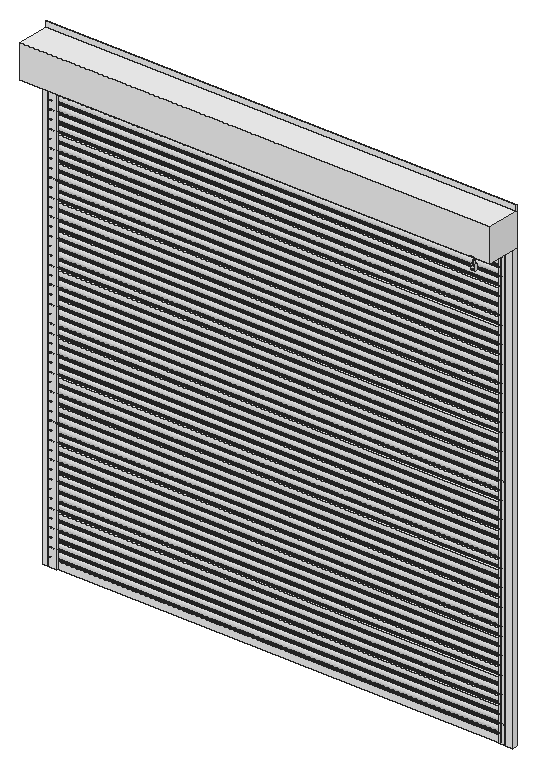
Revit family "Doors_Shutters_Overhead-Door-Corporation_Allura-Shutter-Door​​-653_", category Specialty Equipment, host Wall, Revit 2019
Family settings
  Host = Wall
  Round Connector Dimension = Use Diameter
  Part Type = Normal
  OmniClass Number = 23.30.10.21.34
  OmniClass Title = Industrial Doors
  Always vertical = Yes
  Cut with Voids When Loaded = Yes
  Shared = No
  Room Calculation Point = No
Parameters (values of type "115 volts, one phase, 60 Hz (110-120V range)")
  Warning (Note) [instance] = if(Warning Sign, "The Door Area is out of the limit; please adjust accordingly. The maximum allowed area is 239 sq. ft.", " ")  # " "
  Warning Sign [instance] = if(Calculated Area > 239.00 SF, 1 = 1, 1 = 2)  # no
  True Opening Width [instance] = if(Between Jambs Mounting, Door Width True, Clear Width)  # 10' - 0"
  True Opening Height [instance] = if(Between Jambs Mounting, Clear Height + Headroom Height, Clear Height)  # 10' - 0"
  Wall Thickness [instance] = 0' - 6"
  Voltage = 115 V
  Min Opening Width [instance] = 3' - 0"  # constant formula
  Min Opening Height [instance] = 3' - 0"  # constant formula
  Max Opening Width [instance] = 20' - 0"  # constant formula
  Max Opening Height [instance] = 14' - 0"  # constant formula
  Jamb Offset [instance] = if(Between Jambs Mounting, G Value, 0' 0")  # 0' - 0"
  Headroom Height Real [instance] = Hood Height + Hood Offset  # 0' - 11"
  G Value [instance] = 0' - 3 7/8"  # constant formula
  Door Width True [instance] = if(Between Jambs Mounting, Clear Width + G Value * 2, Clear Width + G Value * 2 + 0' 0 3/8" * 2)  # 10' - 8 1/2"
  Door Height True [instance] = Clear Height + Headroom Height  # 11' - 0 1/2"
  BJ Opening Cut [instance] = if(Between Jambs Mounting, Headroom Height, 0' 0")  # 0' - 0"
  Tube Motor = yes
  Product Page URL = "https://www.overheaddoor.com/rolling-shutters-653"
  Power Factor = 1
  Powder Coat (Note) = "PowderGuard® Premium powder coat finish options are available in approximately 200 colors and can be custom matched to architect specifications."  # constant formula
  Opening Width Real [instance] = if(Opening Width > Max Opening Width, Max Opening Width, if(Opening Width < Min Opening Width, Min Opening Width, Opening Width))  # 10' - 0"
  Opening Width [instance] = 10' - 0"
  Opening Height Real [instance] = if(Opening Height > Max Opening Height, Max Opening Height, if(Opening Height < Min Opening Height, Min Opening Height, Opening Height))  # 10' - 0"
  Opening Height [instance] = 10' - 0"
  Number of Poles = 1
  Material Finish [instance] = 653 : Standard - White
  Installation Real [instance] = if(Between Jambs Mounting, Ex Wall Offset + Installation Limits, Wall Thickness)  # 0' - 6"
  Installation Offset [instance] = 0' - 0"
  Installation Limits [instance] = if(Installation Offset < 0' 0", 0' 0", if(Installation Offset > Wall Thickness - 0' 1 1/4" - Ex Wall Offset, Wall Thickness - 0' 1 1/4" - Ex Wall Offset, Installation Offset))  # 0' - 0"
  Hood Width [instance] = if(or(Opening Height < 4' 0", Opening Height = 4' 0"), 0' 7", if(or(Opening Height < 8' 0", Opening Height = 8' 0"), 0' 8", if(or(Opening Height < 10' 0", Opening Height = 10' 0"), 0' 9", if(or(Opening Height < 12' 0", Opening Height = 12' 0"), 0' 10", 0' 11"))))  # 0' - 9"
  Hood Offset = 0' - 2"  # constant formula
  Hood Height [instance] = if(or(Opening Height < 4' 0", Opening Height = 4' 0"), 0' 7", if(or(Opening Height < 8' 0", Opening Height = 8' 0"), 0' 8", if(or(Opening Height < 10' 0", Opening Height = 10' 0"), 0' 9", if(or(Opening Height < 12' 0", Opening Height = 12' 0"), 0' 10", 0' 11"))))  # 0' - 9"
  Headroom Height [instance] = if(Between Jambs Mounting, Hood Height + Hood Offset, Hood Height + Hood Offset + 0' 1 1/2")  # 1' - 0 1/2"
  Guid Depth [instance] = 0' - 7"  # constant formula
  Frequency = 60 Hz
  Face Of Wall Mounting [instance] = not(Between Jambs Mounting)  # yes
  Ex Wall Offset [instance] = 0' - 0"  # constant formula
  Door Width (Real) [instance] = if(Between Jambs Mounting, Clear Width, Clear Width + 0' 2 121/128" * 2)  # 10' - 5 57/64"
  Door Height (Real) [instance] = Clear Height + Hood Offset  # 10' - 2"
  URL = "https://www.overheaddoor.com/"
  Product data url = "https://www.bimobject.com/overhead-door/product/allura-shutter-door-653"
  Product Guid = "91723a56-d4a4-4d33-84ad-b2c2c72e9cdc"
  Model = "653"  # constant formula
  Manufacturer = "Overhead Door Corporation"  # constant formula
  Wall Closure = By host
  Floor To (CL) of Shaft [instance] = [Door Height (Real)] + Hood Height / 2  # 10' - 6 1/2"
  Description = "Allura Shutter Model 653 Rolling Security Door"  # constant formula
  Crank + Tube Motor = or(Crank, Tube Motor)  # yes
  Crank = no
  Connector Position [instance] = if(Between Jambs Mounting, 0' 3 7/8", 0' 3 7/8" + 0' 0 3/8")  # 0' - 4 1/4"
  Manual = no
  Current = 20 A
  Connector Array Distance = 0' - 0"  # constant formula
  Connector Array = if(or(Manual, Crank), 2, 3)  # 3
  Clear Width [instance] = if(Between Jambs Mounting, Opening Width Real - G Value * 2, Opening Width Real)  # 10' - 0"
  Clear Height [instance] = if(Between Jambs Mounting, Opening Height Real - Headroom Height, Opening Height Real)  # 10' - 0"
  Calculated Area [instance] = [Door Width (Real)] * [Door Height (Real)]  # 106.657 SF
  Between Jambs Mounting [instance] = no
  Backroom Depth [instance] = Hood Width  # 0' - 9"
  Apparent Load Phase 1 = if(Number of Poles = 1, Voltage * Current, (Voltage * Current * sqrt(3)) / 3)  # 2300 VA
Types (4): name | Voltage | Tube Motor | Power Factor | Frequency | Crank + Tube Motor | Crank | Manual | Current | Connector Array | Apparent Load Phase 1
  115 volts, one phase, 60 Hz (110-120V range) | 115 V | yes | 1 | 60 Hz | yes | no | no | 20 A | 3 | 2300 VA
  Manual push-up | 0 V | no | 1 | 0 Hz | no | no | yes | 0 A | 2 | 0 VA
  240 volts, one phase, 60 Hz (208-245V range) | 240 V | yes | 1 | 60 Hz | yes | no | no | 20 A | 3 | 4800 VA
  Manual crank | 0 V | no | 0 | 0 Hz | yes | yes | no | 0 A | 2 | 0 VA
Reference planes (in)
  plane 1 "Center (Front/Back)": y = -5
  plane 2 "Center (Left/Right)": x = 0
  plane 3 "Left": x = -64.25
  plane 4 "Right": x = 64.25
  plane 5 "Exterior": y = 1
  plane 6 "Interior": y = -5
  plane 7: x = 60
  plane 8: x = -60
  plane 9: z = 120
  plane 10 "Main": y = -5.625
  plane 11: y = -14
  plane 12 "Main Door Block": y = -5
  plane 13 "Bottom Bar": z = 2.12022
  plane 14: y = -6
  plane 15: z = 126.5
  plane 16: z = 0
  plane 17: y = -9.5
  plane 18: y = -9.5
  plane 19 "Connector": x = 64.25
  plane 20: z = 122
  plane 21: z = 132.5
  plane 22: z = 61
  plane 23: y = -5.875
Forms (in)
  Extrusion 1, void
    sketch origin (0, -5, 0) x (0, 0, -1) y (-1, 0, 0)
      loop
        line (-120, 60) -> (-120, -60) -> (0, -60) -> (0, 60) -> (-120, 60)
    from 0 to 6
  Extrusion 2, solid, not visible
    sketch origin (62.49609, 0.75, -0.75) x (0, 1, 0) y (0, 0, 1)
      loop
        circle (-10.25, 127.25) r 0.5
    from 0 to 1.75391
  Extrusion 3, solid, not visible
    sketch origin (62.49609, 0.75, -0.75) x (0, 1, 0) y (0, 0, 1)
      loop
        circle (-10.25, 127.25) r 0.5
    from 0 to 1.75391
  Extrusion 4, solid, not visible
    sketch origin (62.49609, 0.75, -0.75) x (0, 1, 0) y (0, 0, 1)
      loop
        circle (-10.25, 127.25) r 0.5
    from 0 to 1.75391
Lines and regions (in)
  model lines, not visible
    curve 1: line (62.49609, -9.5, 126) -> (62.49609, -9.5, 127)
    curve 2: line (62.49609, -10, 126.5) -> (62.49609, -9, 126.5)
    curve 3: line (62.49609, -9.5, 126) -> (62.49609, -9.5, 127)
    curve 4: line (62.49609, -10, 126.5) -> (62.49609, -9, 126.5)
    curve 5: line (62.49609, -9.5, 126) -> (62.49609, -9.5, 127)
    curve 6: line (62.49609, -10, 126.5) -> (62.49609, -9, 126.5)
Text (in)
  text "Exterior" at (-74.96733, 27.31104, 0), in view "Ref. Level"
  text "Interior" at (-74.96733, -25.14366, 0), in view "Ref. Level"
  text "Exterior" at (0, 40.15149, 123.01588), in view "Right"
  text "Interior" at (0, -64.39139, 123.01588), in view "Right"
  text "Interior" at (0, -31.01599, 123.00693), in view "Left"
  text "Exterior" at (0, 54.57065, 123.00693), in view "Left"
Dimensions and locks (in)
  equal spacing: plane 3 "Left", plane 2 "Center (Left/Right)", plane 4 "Right"
  "Door Width True": plane 3 "Left" to plane 4 "Right"
  level to host wall = 38' - 3.59655"
  "Clear Height": level to plane 9
  plane 8 to plane 2 "Center (Left/Right)" to plane 7 = 5' - 0", 5' - 0"
  plane 7 to plane 8 = 10' - 0"
  equal spacing: plane 7, plane 2 "Center (Left/Right)", plane 8
  locked: plane 13 "Bottom Bar" to level at 2.12022
  "Clear Width": plane 7 to plane 8
  locked: plane 14 to plane 10 "Main" at 0.375
  "Floor To (CL) of Shaft": level to plane 15
  "Backroom Depth": plane 11 to plane 12 "Main Door Block"
  "Installation Real": plane 1 "Center (Front/Back)" to plane 5 "Exterior"
  "Wall Thickness": host wall to host wall
  "BJ Opening Cut": Extrusion 1 sketch curve to plane 9
  locked: plane 14 to plane 1 "Center (Front/Back)" at 1
  equal spacing: plane 11, plane 17, plane 1 "Center (Front/Back)"
  "Connector Array Distance": plane 18 to plane 17
  equal spacing: group 3, group 2, group 1  (x2)
  equal spacing: group 1, group 2, group 3
  "Connector Position": plane 19 "Connector" to plane 7
  "Jamb Offset": plane 8 to Extrusion 1 sketch curve
  "Jamb Offset": Extrusion 1 sketch curve to plane 7
  "Hood Offset": plane 20 to plane 9
  "Headroom Height": plane 21 to plane 9
  equal spacing: plane 20, plane 22, level
  locked: plane 14 to plane 23 at 0.125
  aligned and locked: plane 5 "Exterior" to host wall
  aligned and locked: host wall to plane 6 "Interior"
  aligned and locked: level to Extrusion 1 sketch curve
  aligned and locked: Extrusion 1 to plane 5 "Exterior"
  aligned and locked: plane 6 "Interior" to Extrusion 1
  aligned and locked: plane 12 "Main Door Block" to plane 1 "Center (Front/Back)"
  aligned and locked: level to plane 16
  aligned and locked: plane 1 "Center (Front/Back)" to nested 1
  aligned and locked: curve 1 to Extrusion 2 sketch curve
  aligned and locked: curve 2 to Extrusion 2 sketch curve
  aligned and locked: curve 3 to Extrusion 3 sketch curve
  aligned and locked: curve 4 to Extrusion 3 sketch curve
  aligned and locked: curve 5 to Extrusion 4 sketch curve
  aligned and locked: curve 6 to Extrusion 4 sketch curve
  aligned and locked: curve 1 to plane 17
  aligned and locked: plane 15 to curve 2
  aligned and locked: plane 15 to curve 4
  aligned and locked: curve 3 to plane 18
  aligned and locked: Extrusion 2 to plane 19 "Connector"
  aligned and locked: Extrusion 3 to plane 19 "Connector"
  aligned and locked: plane 22 to nested 2
  aligned and locked: plane 2 "Center (Left/Right)" to nested 2
  aligned and locked: nested 2 to plane 23
Automatic sketch dimensions
  curve 2 to curve 1 = 0' - 0 1/2"  (x2)
  curve 1 to curve 2 = 0' - 0 1/2"  (x2)
  curve 4 to curve 3 = 0' - 0 1/2"  (x2)
  curve 3 to curve 4 = 0' - 0 1/2"  (x2)
  curve 6 to curve 5 = 0' - 0 1/2"  (x2)
  curve 5 to curve 6 = 0' - 0 1/2"  (x2)
  radius of Extrusion 2 sketch curve = 0' - 0 1/2"
  radius of Extrusion 3 sketch curve = 0' - 0 1/2"
  radius of Extrusion 4 sketch curve = 0' - 0 1/2"
Nested families (in)
  nested 1: "653" at (0, -5, 0), Between Jambs <- "Between Jambs Mounting", Opening Height <- "Opening Height Real", Opening Width <- "Opening Width Real", Header Width <- "Backroom Depth", Headroom Height <- "Headroom Height Real", type <- "Material Finish", Crank <- "Crank + Tube Motor", Hood Offset <- "Hood Offset", type "Standard - White"
    with Slat Length 10' - 5.89", Slat Height 0' - 2.379", Opening Width 10' - 0", Opening Height 10' - 0", Hood Offset 0' - 2", Height Real 10' - 0", Headroom Height 0' - 11", Headplate Offset 0' - 4 1/4", Header Width 0' - 9", Guide Setback 0' - 0 3/8", Guide Offset 0' - 0", Floor To (CL) of Shaft 10' - 6 1/2", Face to Wall Mount yes, Crank yes, Between Jambs no, Array Length 10' - 1.329", Array 51
  nested 2: "Warning Sign" at (0, -5.875, 61), visible <- "Warning Sign", type "Warning Sign"
    with Warning Sign no
Connectors (in)
  electrical at (64.25, -9.5, 126.5), driven by "Apparent Load Phase 1", driven by "Power Factor", driven by "Voltage", driven by "Number of Poles"
    settings: on Extrusion 4, index 1, voltage 115 V, apparent load 0 VA, apparent load phase1 2300 VA, apparent load phase2 0 VA, apparent load phase3 0 VA, power factor 1, load classification "Other", number of poles 1, system type 31, power factor state 1, is connector primary yes, connector utility no, sub classification motor no, connector description "Electrical Connector"
Definition of nested family "653"
  Parameters (values of type "Fenestrated Slat - Almond")
    Slat Material Cutout = none
    Slat Length [instance] = if(Between Jambs, Opening Width - 0' 1.305" * 2, Opening Width + 0' 2.945" * 2)  # 10' - 5.89"
    Slat Height [instance] = 0' - 2.379"  # constant formula
    Rough Width = 0' - 0"
    Rough Height = 0' - 0"
    Slat Material = none
    Opening Width [instance] = 10' - 0"
    Hood Offset [instance] = 0' - 2"
    Height Real [instance] = if(Between Jambs, Opening Height - Headroom Height, Opening Height)  # 10' - 0"
    Headroom Height [instance] = 1' - 0 1/2"
    Headplate Offset [instance] = if(Between Jambs, 0' 3 7/8", 0' 3 7/8" + Guide Setback)  # 0' - 4 1/4"
    Header Width [instance] = 0' - 10 1/2"
    Opening Height [instance] = 10' - 0"
    Guide Setback [instance] = if(Between Jambs, 0' 0", 0' 0 3/8")  # 0' - 0 3/8"
    Guide Offset [instance] = if(Between Jambs, 0' 3 7/8", 0' 0")  # 0' - 0"
    Floor To (CL) of Shaft [instance] = Opening Height + (Headroom Height - 0' 2") / 2 + 0' 2"  # 10' - 7 1/4"
    Face to Wall Mount [instance] = not(Between Jambs)  # yes
    Crank [instance] = yes
    Between Jambs [instance] = no
    BJ Position = 0' - 0"  # constant formula
    Array Length [instance] = (Array) * Slat Height  # 10' - 1.329"
    Array [instance] = rounddown((Height Real) / Slat Height) + 1  # 51
    Analytic Construction = "<None>"
  Types (12): name
    Standard Slat - White
    Standard Slat - Silver
    Standard Slat - Bronze
    Standard Slat - Almond
    Perforated Slat - Almond
    Perforated Slat - Bronze
    Perforated Slat - Silver
    Perforated Slat - White
    Fenestrated Slat - White
    Fenestrated Slat - Silver
    Fenestrated Slat - Bronze
    Fenestrated Slat - Almond
  Reference planes (in)
    plane 1 "Center (Front/Back)": y = 0
    plane 2: z = 0
    plane 3 "Center (Left/Right)": x = 0
    plane 4 "Opening Height": z = 120
    plane 5: z = 132.5
    plane 6: y = 10.5
    plane 7 "Real Opening 2": x = -60
    plane 8 "Real Opening 1": x = 60
    plane 9: z = 122
    plane 10 "Main": y = 0
    plane 11: z = 127.25
    plane 12: x = 60
    plane 13: x = -60
    plane 14: x = -64.25
    plane 15: x = 64.25
    plane 16: y = 1.25
    plane 17: z = 2
    plane 18: y = 0.435
    plane 19: z = 123.329
    plane 20 "Crank": x = 59.25
    plane 21: y = 7.5
  Forms (in)
    Extrusion 1, solid, material <- "Slat Material"
      sketch origin (0, 0, 0) x (0, 1, 0) y (0, 0, 1)
        loop
          line (0.9875, 2) -> (0.2625, 2) -> (0.2625, 0) -> (0.9875, 0) -> (0.9875, 2)
      from -61.92 to 61.92
    Extrusion 2, solid, material <- "Slat Material"
      sketch origin (0, 0, 0) x (0, 1, 0) y (0, 0, 1)
        loop
          line (0, 122) -> (10.5, 122) -> (10.5, 132.5) -> (0, 132.5) -> (0, 122)
      from -64.25 to 64.25
    Extrusion 3, solid, material <- "Slat Material"
      sketch origin (0, 0, 0) x (1, 0, 0) y (0, 1, 0)
        loop
          line (-64.25, 1.25) -> (-64.25, 0) -> (-60.375, 0) -> (-60.375, 0.25) -> (-60.86, 0.25) -> (-60.86, 0.1) -> (-61.92, 0.1) -> (-61.92, 0.435) -> (-62.045, 0.435) -> (-62.045, 0.1) -> (-62.945, 0.1) -> (-62.945, 1.15) -> (-62.045, 1.15) -> (-62.045, 0.815) -> (-61.92, 0.815) -> (-61.92, 1.15) -> (-60.86, 1.15) -> (-60.86, 1) -> (-60.375, 1) -> (-60.375, 1.25) -> (-64.25, 1.25)
        loop
          line (64.25, 1.25) -> (60.375, 1.25) -> (60.375, 1) -> (60.86, 1) -> (60.86, 1.15) -> (61.92, 1.15) -> (61.92, 0.815) -> (62.045, 0.815) -> (62.045, 1.15) -> (62.945, 1.15) -> (62.945, 0.1) -> (62.045, 0.1) -> (62.045, 0.435) -> (61.92, 0.435) -> (61.92, 0.1) -> (60.86, 0.1) -> (60.86, 0.25) -> (60.375, 0.25) -> (60.375, 0) -> (64.25, 0) -> (64.25, 1.25)
      from 0 to 122
    Extrusion 4, solid, material <- "Slat Material", visible <- "Face to Wall Mount"
      sketch origin (0, 0, 0) x (0, 1, 0) y (0, 0, 1)
        loop
          line (0, 132.5) -> (0.2, 132.5) -> (0.2, 134) -> (0, 134) -> (0, 132.5)
      from -64.25 to 64.25
    Extrusion 5, solid, visible <- "Crank"
      sketch origin (59.25, 0, 0) x (0, 0, -1) y (0, -1, 0)
        loop
          line (-121.9, -7.5) -> (-122, -7.5) -> (-122, -10.5) -> (-121.9, -10.5) -> (-121.9, -7.5)
        loop
          arc (-119.57937, -9.33493) -> (-120, -9.75556) -> (-119.57937, -10.1762) r 0.42063
          line (-119.57937, -10.1762) -> (-118.76148, -10.1762)
          arc (-118.76148, -10.1762) -> (-118.58471, -10.10297) -> (-118.51148, -9.9262) r 0.25
          line (-118.51148, -9.9262) -> (-118.51148, -9.58493)
          arc (-118.51148, -9.58493) -> (-118.58471, -9.40815) -> (-118.76148, -9.33493) r 0.25
          line (-118.76148, -9.33493) -> (-119.57937, -9.33493)
        loop
          arc (-119.57937, -9.52293) -> (-119.812, -9.75556) -> (-119.57937, -9.9882) r 0.23263
          line (-119.57937, -9.9882) -> (-118.76148, -9.9882)
          arc (-118.76148, -9.9882) -> (-118.71764, -9.97004) -> (-118.69948, -9.9262) r 0.062
          line (-118.69948, -9.9262) -> (-118.69948, -9.58493)
          arc (-118.69948, -9.58493) -> (-118.71764, -9.54109) -> (-118.76148, -9.52293) r 0.062
          line (-118.76148, -9.52293) -> (-119.57937, -9.52293)
      from -0.5 to 0.5
    Revolve 6, solid, visible <- "Crank"
      sketch origin (59.25, 0, 0) x (0, 0, -1) y (0, -1, 0)
        loop
          line (-121.37028, -9.66459) -> (-121.19351, -9.84136) -> (-121.06092, -9.70878) -> (-122.18202, -8.58768) -> (-122.44719, -8.85285) -> (-121.50287, -9.79717) -> (-121.37028, -9.66459)
        axis (-121.06092, -9.70878) -> (-122.18202, -8.58768)
      angle from 0 to 360
    Revolve 7, solid, visible <- "Crank"
      sketch origin (59.25, 0, 0.04687) x (0, 0, -1) y (0, -1, 0)
        loop
          line (-120.91808, -9.75556) -> (-120.91808, -9.84411) -> (-120.8087, -9.84411) -> (-120.8087, -9.89879) -> (-120.66995, -9.89879) -> (-120.66995, -9.98473) -> (-119.95312, -9.98473) -> (-119.95312, -9.75556) -> (-120.91808, -9.75556)
        axis (-120.91808, -9.75556) -> (-119.95312, -9.75556)
      angle from 0 to 360
    Extrusion 8, solid, visible <- "Crank"
      sketch origin (59.25, 0, 0) x (0, 0, -1) y (0, -1, 0)
        loop
          circle (-121.01414, -9.75556) r 0.1
      from -0.1 to 0.1
  Lines and regions (in)
    Masking region 1
      outline origin (0, 0, 0) x (1, 0, 0) y (0, 1, 0)
        loop
          line (-64.25, 10.5) -> (-64.25, 0) -> (64.25, 0) -> (64.25, 10.5) -> (-64.25, 10.5)
    symbolic lines, visible <- "Face to Wall Mount"
      curve 1: line (64.25, 0.2, 0) -> (-64.25, 0.2, 0)
  Dimensions and locks (in)
    locked: Extrusion 1 sketch curve to level at 2
    "Headroom Height": plane 5 to plane 4 "Opening Height"
    plane 6 to plane 1 "Center (Front/Back)" = 0' - 10 1/2"
    locked: Extrusion 2 sketch curve to plane 4 "Opening Height" at 2
    "Height Real": plane 4 "Opening Height" to level
    "Hood Offset": plane 9 to plane 4 "Opening Height"
    "BJ Position": plane 10 "Main" to plane 1 "Center (Front/Back)"
    "Header Width": plane 10 "Main" to plane 6
    "Floor To (CL) of Shaft": plane 11 to level
    locked: Extrusion 1 sketch curve to Extrusion 1 sketch curve at 0.725
    "Guide Offset": plane 8 "Real Opening 1" to plane 12
    "Guide Offset": plane 13 to plane 7 "Real Opening 2"
    locked: plane 16 to plane 10 "Main" at 1.25
    "Opening Width": plane 13 to plane 12
    equal spacing: plane 13, plane 3 "Center (Left/Right)", plane 12
    "Headplate Offset": plane 8 "Real Opening 1" to plane 15
    "Headplate Offset": plane 14 to plane 7 "Real Opening 2"
    locked: Extrusion 3 sketch curve to Extrusion 3 sketch curve at 3.875  (x2)
    "Guide Setback": Extrusion 3 sketch curve to plane 7 "Real Opening 2"
    locked: Extrusion 3 sketch curve to Extrusion 3 sketch curve at 0.25  (x4)
    locked: Extrusion 3 sketch curve to Extrusion 3 sketch curve at 0.485  (x2)
    locked: Extrusion 3 sketch curve to Extrusion 3 sketch curve at 0.125  (x2)
    locked: Extrusion 3 sketch curve to Extrusion 3 sketch curve at 0.15  (x4)
    locked: Extrusion 3 sketch curve to Extrusion 3 sketch curve at 1.06  (x2)
    locked: Extrusion 3 sketch curve to Extrusion 3 sketch curve at 0.9  (x2)
    locked: Extrusion 3 sketch curve to Extrusion 3 sketch curve at 1.25  (x2)
    "Guide Setback": plane 8 "Real Opening 1" to Extrusion 3 sketch curve
    locked: Extrusion 3 sketch curve to Extrusion 3 sketch curve at 0.435  (x4)
    Extrusion 4 sketch curve to Extrusion 4 sketch curve = 0' - 0.2"
    locked: Extrusion 4 sketch curve to plane 5 at 1.5
    locked: plane 10 "Main" to Extrusion 1 sketch curve at 0.2625
    locked: plane 17 to level at 2
    locked: plane 10 "Main" to plane 18 at 0.435
    equal spacing: group 1, group 3, group 4, group 5, group 6, group 7, group 8, group 9, group 10, group 11, group 12, group 13, group 14, group 15, group 16, group 17, group 18, group 19, group 20, group 21, group 22, group 23, group 24, group 25, group 26, group 27, group 28, group 29, group 30, group 31, group 32, group 33, group 34, group 35, group 36, group 37, group 38, group 39, group 40, group 41, group 42, group 43, group 44, group 45, group 46, group 47, group 48, group 49, group 50, group 51, group 2  (x3)
    "Array Length": plane 19 to plane 17
    locked: plane 20 "Crank" to plane 15 at 5
    locked: plane 21 to plane 6 at 3
    locked: Revolve 6 sketch curve to plane 9 at 0.44719
    Revolve 6 sketch curve to Revolve 6 sketch curve to Revolve 6 sketch curve = 0' - 0 1/4" locked, 0' - 1.33547" locked
    locked: plane 9 to Extrusion 8 sketch curve at 0.98586
    locked: Extrusion 8 sketch curve to plane 6 at 0.74444
    locked: plane 9 to Extrusion 5 sketch curve at 0.1
    locked: Extrusion 5 sketch curve to Extrusion 5 sketch curve at 0.87988
    locked: Extrusion 5 sketch curve to Extrusion 5 sketch curve at 0.23263
    locked: Extrusion 5 sketch curve to Extrusion 5 sketch curve at 0.188  (x2)
    Extrusion 5 sketch curve to Extrusion 5 sketch curve = 0' - 0.188"
    locked: plane 4 "Opening Height" to Extrusion 5 sketch curve at 0.42063
    locked: plane 9 to Revolve 6 sketch curve at 0.97407
    locked: Revolve 6 sketch curve to plane 6 at 1.7303
    radius of Extrusion 5 sketch curve = 0' - 0.42063"
    radius of Extrusion 5 sketch curve = 0' - 0 1/4"  (x2)
    radius of Extrusion 8 sketch curve = 0' - 0.1"
    radius of Extrusion 5 sketch curve = 0' - 0.062"  (x2)
    radius of Extrusion 5 sketch curve = 0' - 0.23263"
    locked: Revolve 6 sketch curve to plane 9 (angle 45.00°)
    aligned and locked: plane 2 to level
    aligned and locked: Extrusion 2 sketch curve to plane 5
    aligned and locked: Extrusion 2 sketch curve to plane 6
    aligned and locked: Extrusion 2 to plane 15
    aligned and locked: Extrusion 2 to plane 14
    aligned and locked: plane 10 "Main" to Extrusion 2 sketch curve
    aligned and locked: plane 16 to Extrusion 3 sketch curve
    aligned and locked: Extrusion 3 sketch curve to Extrusion 3 sketch curve  (x12)
    aligned and locked: Extrusion 3 sketch curve to plane 16
    aligned and locked: plane 9 to Extrusion 3
    aligned and locked: Extrusion 4 sketch curve to plane 5
    aligned and locked: plane 10 "Main" to Extrusion 4 sketch curve
    aligned and locked: Extrusion 4 to Extrusion 2
    aligned and locked: Extrusion 2 to Extrusion 4
    aligned and locked: Extrusion 1 to Extrusion 3  (x2)
    aligned and locked: Masking region 1 sketch curve to Extrusion 2  (x3)
    aligned and locked: Masking region 1 sketch curve to Extrusion 4
    aligned and locked: Extrusion 2 to curve 1  (x2)
    aligned and locked: curve 1 to Extrusion 4
    aligned and locked: nested 1 to plane 3 "Center (Left/Right)"
    aligned and locked: plane 17 to nested 1
    aligned and locked: nested 1 to plane 18
    aligned and locked: plane 18 to nested 2
    aligned and locked: plane 19 to nested 2
    aligned and locked: plane 21 to Extrusion 5 sketch curve
    aligned and locked: plane 9 to Extrusion 5 sketch curve
    aligned and locked: plane 6 to Extrusion 5 sketch curve
    aligned and locked: plane 9 to Revolve 6 sketch curve
  Automatic sketch dimensions
    Extrusion 1 sketch curve to level = 0' - 0"
    plane 9 to Revolve 6 sketch curve = 0' - 0.18202"
    Revolve 6 sketch curve to plane 9 = 0' - 0.49713"
    Revolve 6 sketch curve to Revolve 6 sketch curve = 0' - 0.13258"
    Revolve 6 sketch curve to Revolve 6 sketch curve = 0' - 0.03499"
    Revolve 7 sketch curve to plane 4 "Opening Height" = 0' - 0"
    Revolve 7 sketch curve to Revolve 7 sketch curve = 0' - 0.71682"
    Revolve 7 sketch curve to Revolve 7 sketch curve = 0' - 0.13875"
    Revolve 7 sketch curve to Revolve 7 sketch curve = 0' - 0 7/64"
    Revolve 7 sketch curve to plane 6 = 0' - 0.51527"
    Revolve 7 sketch curve to Revolve 7 sketch curve = 0' - 0 11/128"
    Revolve 7 sketch curve to Revolve 7 sketch curve = 0' - 0 7/128"
    Revolve 7 sketch curve to Revolve 7 sketch curve = 0' - 0.22917"
    Revolve 7 sketch curve to Revolve 7 sketch curve = 0' - 0.0413"
    Revolve 7 sketch curve to plane 6 = 0' - 0.74444"
    Revolve 7 sketch curve to plane 4 "Opening Height" = 0' - 1.49375"
    Extrusion 5 sketch curve to Extrusion 5 sketch curve = 0' - 0"
    Extrusion 5 sketch curve to plane 6 = 0' - 0.3238"
  Nested families (in)
    nested 1: "Slat" at (0, 0.72406, 2) x (-1, 0, 0) z (0, 0, 1), type "Slat - Custom"
      with Door Width 10' - 5.89"
    nested 2: "Slat" at (0, 0.72406, 120.949) x (-1, 0, 0) z (0, 0, 1), type "Slat - Custom"
      with Door Width 10' - 5.89"
    nested 3: "Slat" at (0, 0.72406, 4.37898) x (-1, 0, 0) z (0, 0, 1), type "Slat - Custom"
      with Door Width 10' - 5.89"
    nested 4: "Slat" at (0, 0.72406, 6.75796) x (-1, 0, 0) z (0, 0, 1), type "Slat - Custom"
      with Door Width 10' - 5.89"
    nested 5: "Slat" at (0, 0.72406, 9.13694) x (-1, 0, 0) z (0, 0, 1), type "Slat - Custom"
      with Door Width 10' - 5.89"
    nested 6: "Slat" at (0, 0.72406, 11.51592) x (-1, 0, 0) z (0, 0, 1), type "Slat - Custom"
      with Door Width 10' - 5.89"
    nested 7: "Slat" at (0, 0.72406, 13.8949) x (-1, 0, 0) z (0, 0, 1), type "Slat - Custom"
      with Door Width 10' - 5.89"
    nested 8: "Slat" at (0, 0.72406, 16.27388) x (-1, 0, 0) z (0, 0, 1), type "Slat - Custom"
      with Door Width 10' - 5.89"
    nested 9: "Slat" at (0, 0.72406, 18.65286) x (-1, 0, 0) z (0, 0, 1), type "Slat - Custom"
      with Door Width 10' - 5.89"
    nested 10: "Slat" at (0, 0.72406, 21.03184) x (-1, 0, 0) z (0, 0, 1), type "Slat - Custom"
      with Door Width 10' - 5.89"
    nested 11: "Slat" at (0, 0.72406, 23.41082) x (-1, 0, 0) z (0, 0, 1), type "Slat - Custom"
      with Door Width 10' - 5.89"
    nested 12: "Slat" at (0, 0.72406, 25.7898) x (-1, 0, 0) z (0, 0, 1), type "Slat - Custom"
      with Door Width 10' - 5.89"
    nested 13: "Slat" at (0, 0.72406, 28.16878) x (-1, 0, 0) z (0, 0, 1), type "Slat - Custom"
      with Door Width 10' - 5.89"
    nested 14: "Slat" at (0, 0.72406, 30.54776) x (-1, 0, 0) z (0, 0, 1), type "Slat - Custom"
      with Door Width 10' - 5.89"
    nested 15: "Slat" at (0, 0.72406, 32.92674) x (-1, 0, 0) z (0, 0, 1), type "Slat - Custom"
      with Door Width 10' - 5.89"
    nested 16: "Slat" at (0, 0.72406, 35.30572) x (-1, 0, 0) z (0, 0, 1), type "Slat - Custom"
      with Door Width 10' - 5.89"
    nested 17: "Slat" at (0, 0.72406, 37.6847) x (-1, 0, 0) z (0, 0, 1), type "Slat - Custom"
      with Door Width 10' - 5.89"
    nested 18: "Slat" at (0, 0.72406, 40.06368) x (-1, 0, 0) z (0, 0, 1), type "Slat - Custom"
      with Door Width 10' - 5.89"
    nested 19: "Slat" at (0, 0.72406, 42.44266) x (-1, 0, 0) z (0, 0, 1), type "Slat - Custom"
      with Door Width 10' - 5.89"
    nested 20: "Slat" at (0, 0.72406, 44.82164) x (-1, 0, 0) z (0, 0, 1), type "Slat - Custom"
      with Door Width 10' - 5.89"
    nested 21: "Slat" at (0, 0.72406, 47.20062) x (-1, 0, 0) z (0, 0, 1), type "Slat - Custom"
      with Door Width 10' - 5.89"
    nested 22: "Slat" at (0, 0.72406, 49.5796) x (-1, 0, 0) z (0, 0, 1), type "Slat - Custom"
      with Door Width 10' - 5.89"
    nested 23: "Slat" at (0, 0.72406, 51.95858) x (-1, 0, 0) z (0, 0, 1), type "Slat - Custom"
      with Door Width 10' - 5.89"
    nested 24: "Slat" at (0, 0.72406, 54.33756) x (-1, 0, 0) z (0, 0, 1), type "Slat - Custom"
      with Door Width 10' - 5.89"
    nested 25: "Slat" at (0, 0.72406, 56.71654) x (-1, 0, 0) z (0, 0, 1), type "Slat - Custom"
      with Door Width 10' - 5.89"
    nested 26: "Slat" at (0, 0.72406, 59.09552) x (-1, 0, 0) z (0, 0, 1), type "Slat - Custom"
      with Door Width 10' - 5.89"
    nested 27: "Slat" at (0, 0.72406, 61.4745) x (-1, 0, 0) z (0, 0, 1), type "Slat - Custom"
      with Door Width 10' - 5.89"
    nested 28: "Slat" at (0, 0.72406, 63.85348) x (-1, 0, 0) z (0, 0, 1), type "Slat - Custom"
      with Door Width 10' - 5.89"
    nested 29: "Slat" at (0, 0.72406, 66.23246) x (-1, 0, 0) z (0, 0, 1), type "Slat - Custom"
      with Door Width 10' - 5.89"
    nested 30: "Slat" at (0, 0.72406, 68.61144) x (-1, 0, 0) z (0, 0, 1), type "Slat - Custom"
      with Door Width 10' - 5.89"
    nested 31: "Slat" at (0, 0.72406, 70.99042) x (-1, 0, 0) z (0, 0, 1), type "Slat - Custom"
      with Door Width 10' - 5.89"
    nested 32: "Slat" at (0, 0.72406, 73.3694) x (-1, 0, 0) z (0, 0, 1), type "Slat - Custom"
      with Door Width 10' - 5.89"
    nested 33: "Slat" at (0, 0.72406, 75.74838) x (-1, 0, 0) z (0, 0, 1), type "Slat - Custom"
      with Door Width 10' - 5.89"
    nested 34: "Slat" at (0, 0.72406, 78.12736) x (-1, 0, 0) z (0, 0, 1), type "Slat - Custom"
      with Door Width 10' - 5.89"
    nested 35: "Slat" at (0, 0.72406, 80.50634) x (-1, 0, 0) z (0, 0, 1), type "Slat - Custom"
      with Door Width 10' - 5.89"
    nested 36: "Slat" at (0, 0.72406, 82.88532) x (-1, 0, 0) z (0, 0, 1), type "Slat - Custom"
      with Door Width 10' - 5.89"
    nested 37: "Slat" at (0, 0.72406, 85.2643) x (-1, 0, 0) z (0, 0, 1), type "Slat - Custom"
      with Door Width 10' - 5.89"
    nested 38: "Slat" at (0, 0.72406, 87.64328) x (-1, 0, 0) z (0, 0, 1), type "Slat - Custom"
      with Door Width 10' - 5.89"
    nested 39: "Slat" at (0, 0.72406, 90.02226) x (-1, 0, 0) z (0, 0, 1), type "Slat - Custom"
      with Door Width 10' - 5.89"
    nested 40: "Slat" at (0, 0.72406, 92.40124) x (-1, 0, 0) z (0, 0, 1), type "Slat - Custom"
      with Door Width 10' - 5.89"
    nested 41: "Slat" at (0, 0.72406, 94.78022) x (-1, 0, 0) z (0, 0, 1), type "Slat - Custom"
      with Door Width 10' - 5.89"
    nested 42: "Slat" at (0, 0.72406, 97.1592) x (-1, 0, 0) z (0, 0, 1), type "Slat - Custom"
      with Door Width 10' - 5.89"
    nested 43: "Slat" at (0, 0.72406, 99.53818) x (-1, 0, 0) z (0, 0, 1), type "Slat - Custom"
      with Door Width 10' - 5.89"
    nested 44: "Slat" at (0, 0.72406, 101.91716) x (-1, 0, 0) z (0, 0, 1), type "Slat - Custom"
      with Door Width 10' - 5.89"
    nested 45: "Slat" at (0, 0.72406, 104.29614) x (-1, 0, 0) z (0, 0, 1), type "Slat - Custom"
      with Door Width 10' - 5.89"
    nested 46: "Slat" at (0, 0.72406, 106.67512) x (-1, 0, 0) z (0, 0, 1), type "Slat - Custom"
      with Door Width 10' - 5.89"
    nested 47: "Slat" at (0, 0.72406, 109.0541) x (-1, 0, 0) z (0, 0, 1), type "Slat - Custom"
      with Door Width 10' - 5.89"
    nested 48: "Slat" at (0, 0.72406, 111.43308) x (-1, 0, 0) z (0, 0, 1), type "Slat - Custom"
      with Door Width 10' - 5.89"
    nested 49: "Slat" at (0, 0.72406, 113.81206) x (-1, 0, 0) z (0, 0, 1), type "Slat - Custom"
      with Door Width 10' - 5.89"
    nested 50: "Slat" at (0, 0.72406, 116.19104) x (-1, 0, 0) z (0, 0, 1), type "Slat - Custom"
      with Door Width 10' - 5.89"
    nested 51: "Slat" at (0, 0.72406, 118.57002) x (-1, 0, 0) z (0, 0, 1), type "Slat - Custom"
      with Door Width 10' - 5.89"
  Definition of nested family "Slat"
    Parameters (values of type "Slat - Custom")
      Standard Slat Material = none
      Slat Thickness = 0' - 0 37/64"  # constant formula
      Slat Height = 0' - 2.38"  # constant formula
      Cutout Slat Material = none
      Door Width = 10' - 5 57/64"
      Default Elevation = 4' - 0"
    Reference planes (in)
      plane 1 "Center (Front/Back)": y = 0
      plane 2: z = 0
      plane 3 "Center (Left/Right)": x = 0
      plane 4: x = -62.94531
      plane 5: x = 62.94531
      plane 6: y = -0.28906
      plane 7: y = 0.28906
      plane 8 "Bottom": z = 0
      plane 9 "Top": z = 2.38
    Forms (in)
      Extrusion 1, solid, material <- "Standard Slat Material"
        sketch origin (0, 0, 0) x (0, 1, 0) y (0, 0, 1)
          loop
            arc (0.00174, 2.43657) -> (-0.08172, 2.28309) -> (-0.15173, 2.12303) r 2.03938
            arc (-0.15173, 2.12303) -> (-0.28837, 1.32188) -> (-0.10129, 0.531) r 2.03938
            arc (-0.10129, 0.531) -> (-0.07919, 0.48469) -> (-0.05592, 0.43896) r 2.03938
            arc (-0.05592, 0.43896) -> (-0.04482, 0.35953) -> (-0.08672, 0.29115) r 0.1188
            arc (-0.08672, 0.29115) -> (-0.13057, 0.20992) -> (-0.10303, 0.12182) r 0.1188
            line (-0.10303, 0.12182) -> (0.09578, -0.08511)
            arc (0.09578, -0.08511) -> (0.25337, -0.08948) -> (0.25605, 0.06815) r 0.11088
            arc (0.25605, 0.06815) -> (0.08755, 0.28851) -> (-0.04893, 0.53002) r 2.00505
            arc (-0.04893, 0.53002) -> (-0.24302, 1.32115) -> (-0.10638, 2.1242) r 2.00505
            arc (-0.10638, 2.1242) -> (-0.03207, 2.2912) -> (0.05714, 2.45074) r 2.00505
            arc (0.05714, 2.45074) -> (0.122, 2.33835) -> (0.18458, 2.45202) r 0.07448
            arc (0.18458, 2.45202) -> (0.08842, 2.5004) -> (0.00174, 2.43657) r 0.1029
        from -62.94531 to 62.94531
    Dimensions and locks (in)
      equal spacing: plane 4, plane 3 "Center (Left/Right)", plane 5
      "Door Width": plane 4 to plane 5
      equal spacing: plane 6, plane 1 "Center (Front/Back)", plane 7
      "Slat Thickness": plane 6 to plane 7
      locked: plane 9 "Top" to plane 8 "Bottom" at 2.38
      aligned and locked: plane 2 to level
      aligned and locked: plane 4 to Extrusion 1
      aligned and locked: plane 5 to Extrusion 1
      aligned and locked: plane 2 to plane 8 "Bottom"
    Automatic sketch dimensions
      Extrusion 1 sketch curve to Extrusion 1 sketch curve = 0' - 0"  (x17)
      Extrusion 1 sketch curve to plane 6 = 0' - 0.12794"
      plane 1 "Center (Front/Back)" to Extrusion 1 sketch curve = 0' - 0.10303"
      plane 1 "Center (Front/Back)" to Extrusion 1 sketch curve = 0' - 0.01231"
      Extrusion 1 sketch curve to plane 1 "Center (Front/Back)" = 0' - 0.09578"
      Extrusion 1 sketch curve to plane 1 "Center (Front/Back)" = 0' - 0.09709"
      Extrusion 1 sketch curve to Extrusion 1 sketch curve = 0' - 0.02417"
      Extrusion 1 sketch curve to level = 0' - 0.00934"
      Extrusion 1 sketch curve to Extrusion 1 sketch curve = 0' - 0.08096"
      Extrusion 1 sketch curve to plane 7 = 0' - 1 59/128"
      Extrusion 1 sketch curve to Extrusion 1 sketch curve = 0' - 0.01073"
      Extrusion 1 sketch curve to level = 0' - 0.08511"
      level to Extrusion 1 sketch curve = 0' - 0.12182"
      Extrusion 1 sketch curve to Extrusion 1 sketch curve = 0' - 0.07671"
      Extrusion 1 sketch curve to Extrusion 1 sketch curve = 0' - 0.18523"
      Extrusion 1 sketch curve to Extrusion 1 sketch curve = 0' - 0.0069"
      Extrusion 1 sketch curve to Extrusion 1 sketch curve = 0' - 0.01496"
      Extrusion 1 sketch curve to plane 6 = 0' - 0.13733"
      Extrusion 1 sketch curve to Extrusion 1 sketch curve = 0' - 0.04535"
      plane 1 "Center (Front/Back)" to Extrusion 1 sketch curve = 0' - 0.10129"
      plane 1 "Center (Front/Back)" to Extrusion 1 sketch curve = 0' - 0.04893"
      Extrusion 1 sketch curve to plane 1 "Center (Front/Back)" = 0' - 0.00174"
      Extrusion 1 sketch curve to plane 1 "Center (Front/Back)" = 0' - 0.05714"
      level to Extrusion 1 sketch curve = 0' - 1.38647"
      plane 9 "Top" to Extrusion 1 sketch curve = 0' - 0.01787"
Definition of nested family "Warning Sign"
  Parameters (values of type "Warning Sign")
    Warning Sign [instance] = no
    Default Elevation = 4' - 0"
  Reference planes (in)
    plane 1 "Center (Front/Back)": y = 0
    plane 2: z = 0
    plane 3 "Center (Left/Right)": x = 0
    plane 4: y = 0.5
    plane 5: y = -0.5
    plane 6: y = 1
    plane 7: y = 0.25
  Lines and regions (in)
    model lines
      curve 1: line (-2.26129, 1, 31.47675) -> (-26.3817, 1, -10.30102)
      curve 2: line (-25.25106, 1, -10.9538) -> (-1.13064, 1, 30.82398)
      curve 3: arc (2.26129, 1, 31.47675) -> (0, 1, 32.78231) -> (-2.26129, 1, 31.47675) r 2.61111
      curve 4: arc (-1.13064, 1, 30.82398) -> (0, 1, 31.47675) -> (1.13064, 1, 30.82398) r 1.30556
      curve 5: line (1.13064, 1, 30.82398) -> (25.25106, 1, -10.9538)
      curve 6: line (26.3817, 1, -10.30102) -> (2.26129, 1, 31.47675)
      curve 7: arc (25.25106, 1, -10.9538) -> (25.25106, 1, -12.25936) -> (24.12041, 1, -12.91213) r 1.30556
      curve 8: arc (24.12041, 1, -14.21769) -> (26.3817, 1, -12.91213) -> (26.3817, 1, -10.30102) r 2.61111
      curve 9: line (24.12041, 1, -12.91213) -> (-24.12041, 1, -12.91213)
      curve 10: line (-24.12041, 1, -14.21769) -> (24.12041, 1, -14.21769)
      curve 11: arc (-24.12041, 1, -12.91213) -> (-25.25106, 1, -12.25936) -> (-25.25106, 1, -10.9538) r 1.30556
      curve 12: arc (-26.3817, 1, -10.30102) -> (-26.3817, 1, -12.91213) -> (-24.12041, 1, -14.21769) r 2.61111
      curve 13: arc (-2.29479, 1, -5.58232) -> (0, 1, -7.87712) -> (2.29479, 1, -5.58232) r 2.29479
      curve 14: arc (2.29479, 1, -5.58232) -> (0, 1, -3.28753) -> (-2.29479, 1, -5.58232) r 2.29479
      curve 15: arc (-1.6331, 1, -0.247) -> (0.03439, 1, -1.68042) -> (1.69278, 1, -0.23648) r 1.68043
      curve 16: line (-3.77413, 1, 14.16104) -> (-1.6331, 1, -0.247)
      curve 17: line (1.69278, 1, -0.23648) -> (3.73924, 1, 14.16104)
      curve 18: arc (3.73924, 1, 14.16104) -> (-0.01745, 1, 17.91772) -> (-3.77413, 1, 14.16104) r 3.75668
      curve 19: line (-2.26129, -0.5, 31.47675) -> (-26.3817, -0.5, -10.30102)
      curve 20: line (-25.25106, -0.5, -10.9538) -> (-1.13064, -0.5, 30.82398)
      curve 21: arc (2.26129, -0.5, 31.47675) -> (0, -0.5, 32.78231) -> (-2.26129, -0.5, 31.47675) r 2.61111
      curve 22: arc (-1.13064, -0.5, 30.82398) -> (0, -0.5, 31.47675) -> (1.13064, -0.5, 30.82398) r 1.30556
      curve 23: line (1.13064, -0.5, 30.82398) -> (25.25106, -0.5, -10.9538)
      curve 24: line (26.3817, -0.5, -10.30102) -> (2.26129, -0.5, 31.47675)
      curve 25: arc (25.25106, -0.5, -10.9538) -> (25.25106, -0.5, -12.25936) -> (24.12041, -0.5, -12.91213) r 1.30556
      curve 26: arc (24.12041, -0.5, -14.21769) -> (26.3817, -0.5, -12.91213) -> (26.3817, -0.5, -10.30102) r 2.61111
      curve 27: line (24.12041, -0.5, -12.91213) -> (-24.12041, -0.5, -12.91213)
      curve 28: line (-24.12041, -0.5, -14.21769) -> (24.12041, -0.5, -14.21769)
      curve 29: arc (-24.12041, -0.5, -12.91213) -> (-25.25106, -0.5, -12.25936) -> (-25.25106, -0.5, -10.9538) r 1.30556
      curve 30: arc (-26.3817, -0.5, -10.30102) -> (-26.3817, -0.5, -12.91213) -> (-24.12041, -0.5, -14.21769) r 2.61111
      curve 31: arc (-2.29479, -0.5, -5.58232) -> (0, -0.5, -7.87712) -> (2.29479, -0.5, -5.58232) r 2.29479
      curve 32: arc (2.29479, -0.5, -5.58232) -> (0, -0.5, -3.28753) -> (-2.29479, -0.5, -5.58232) r 2.29479
      curve 33: arc (-1.6331, -0.5, -0.247) -> (0.03439, -0.5, -1.68042) -> (1.69278, -0.5, -0.23648) r 1.68043
      curve 34: line (-3.77413, -0.5, 14.16104) -> (-1.6331, -0.5, -0.247)
      curve 35: line (1.69278, -0.5, -0.23648) -> (3.73924, -0.5, 14.16104)
      curve 36: arc (3.73924, -0.5, 14.16104) -> (-0.01745, -0.5, 17.91772) -> (-3.77413, -0.5, 14.16104) r 3.75668
  Dimensions and locks (in)
    locked: plane 1 "Center (Front/Back)" to plane 4 at 0.5
    equal spacing: plane 1 "Center (Front/Back)", plane 7, plane 4
    locked: plane 4 to plane 6 at 0.5
    locked: plane 5 to plane 1 "Center (Front/Back)" at 0.5
    aligned and locked: plane 2 to level
  Automatic sketch dimensions
    curve 21 to curve 22 = 0' - 0"  (x2)
    curve 25 to curve 26 = 0' - 0"  (x2)
    curve 29 to curve 30 = 0' - 0"  (x2)
    curve 31 to curve 32 = 0' - 0"  (x2)
    curve 21 to plane 3 "Center (Left/Right)" = 0' - 0"
    curve 31 to plane 3 "Center (Left/Right)" = 0' - 0"
    curve 30 to level = 1' - 2.21769"
    curve 27 to level = 1' - 0.91213"
    curve 26 to curve 27 = 0' - 1.30556"
    curve 29 to curve 27 = 0' - 1.30556"
    curve 23 to curve 25 = 0' - 0.65278"
    curve 20 to curve 29 = 0' - 0.65278"
    curve 24 to curve 23 = 0' - 0.65278"
    curve 19 to curve 20 = 0' - 0.65278"
    curve 32 to level = 0' - 5.58232"
    curve 34 to plane 3 "Center (Left/Right)" = 0' - 1.6331"
    curve 34 to curve 31 = 0' - 5.33532"
    plane 3 "Center (Left/Right)" to curve 35 = 0' - 1.69278"
    curve 35 to curve 34 = 0' - 0.01052"
    plane 3 "Center (Left/Right)" to curve 33 = 0' - 0.02908"
    curve 36 to plane 3 "Center (Left/Right)" = 0' - 0.01745"
    curve 36 to curve 33 = 1' - 2.16104"
    curve 22 to curve 36 = 1' - 4.01016"
    plane 3 "Center (Left/Right)" to curve 23 = 0' - 1.13064"
    curve 23 to curve 21 = 0' - 0.65278"
    curve 20 to plane 3 "Center (Left/Right)" = 0' - 1.13064"
    plane 3 "Center (Left/Right)" to curve 24 = 0' - 2.26129"
    curve 24 to curve 22 = 0' - 0.65278"
    curve 19 to plane 3 "Center (Left/Right)" = 0' - 2.26129"
    curve 34 to curve 36 = 0' - 3.75668"
    curve 30 to plane 3 "Center (Left/Right)" = 2' - 0.12041"
    plane 3 "Center (Left/Right)" to curve 25 = 2' - 0.12041"
    curve 31 to curve 31 = 0' - 2.29479"
    curve 3 to curve 4 = 0' - 0"  (x2)
    curve 7 to curve 8 = 0' - 0"  (x2)
    curve 11 to curve 12 = 0' - 0"  (x2)
    curve 13 to curve 14 = 0' - 0"  (x2)
    curve 3 to plane 3 "Center (Left/Right)" = 0' - 0"
    curve 13 to plane 3 "Center (Left/Right)" = 0' - 0"
    curve 12 to level = 1' - 2.21769"
    curve 9 to level = 1' - 0.91213"
    curve 8 to curve 9 = 0' - 1.30556"
    curve 11 to curve 9 = 0' - 1.30556"
    curve 5 to curve 7 = 0' - 0.65278"
    curve 2 to curve 11 = 0' - 0.65278"
    curve 6 to curve 5 = 0' - 0.65278"
    curve 1 to curve 2 = 0' - 0.65278"
    curve 14 to level = 0' - 5.58232"
    curve 16 to plane 3 "Center (Left/Right)" = 0' - 1.6331"
    curve 16 to curve 13 = 0' - 5.33532"
    plane 3 "Center (Left/Right)" to curve 17 = 0' - 1.69278"
    curve 17 to curve 16 = 0' - 0.01052"
    plane 3 "Center (Left/Right)" to curve 15 = 0' - 0.02908"
    curve 18 to plane 3 "Center (Left/Right)" = 0' - 0.01745"
    curve 18 to curve 15 = 1' - 2.16104"
    curve 4 to curve 18 = 1' - 4.01016"
    plane 3 "Center (Left/Right)" to curve 5 = 0' - 1.13064"
    curve 5 to curve 3 = 0' - 0.65278"
    curve 2 to plane 3 "Center (Left/Right)" = 0' - 1.13064"
    plane 3 "Center (Left/Right)" to curve 6 = 0' - 2.26129"
    curve 6 to curve 4 = 0' - 0.65278"
    curve 1 to plane 3 "Center (Left/Right)" = 0' - 2.26129"
    curve 16 to curve 18 = 0' - 3.75668"
    curve 12 to plane 3 "Center (Left/Right)" = 2' - 0.12041"
    plane 3 "Center (Left/Right)" to curve 7 = 2' - 0.12041"
    curve 13 to curve 13 = 0' - 2.29479"
